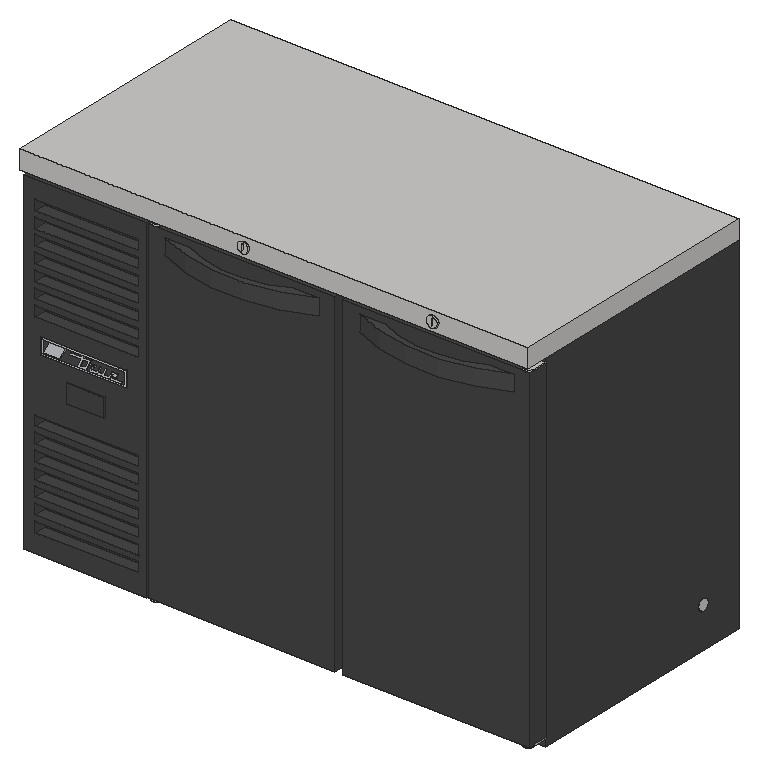
Revit family "QF_TRUE_TBR48-RISZ1-L-B-SS-1", category Specialty Equipment, Revit 2016 (continued)
Definition of nested family "CASTORS & LEGS"
  Definition of nested family "3 INCHES 01_CASTER"
    Lines and regions (in)
      symbolic lines, visible <- "3 Inches Caster"
        curve 3: line (-0.29881, -0.81407, 0) -> (-1.00175, -0.40823, 0)
        curve 4: line (0.89063, 1.2461, 0) -> (-0.29881, -0.81407, 0)
    Dimensions and locks (in)
      plane 4 "TOP" to level = 3 1/8"  (x2)
      aligned and locked: level to plane 1
  Definition of nested family "HATCO_4 INCHES_CASTER"
    Parameters (values of type "HATCO_4 INCHES_CASTER")
      URL Manufacturer = ""
      URL Cutsheet = ""
      URL = ""
      Type Mark [instance] = ""
      Specification by User [instance] = ""
      Specification by Manufacturer = ""
      Serial Number = ""
      Seismic Rating = ""
      SMACNA No = ""
      Revision Code [instance] = ""
      Omniclass Number and Title = ""
      NAFEM Spec ID Number = ""
      Model = ""
      Manufacturer = ""
      Item Number [instance] = ""
      Installed By [instance] = ""
      Identify Quantity as Lot [instance] = yes
      Furnished By [instance] = ""
      Foodservice Equipment Identifier [instance] = yes
      Description = ""
      CSI MasterFormat = ""
      CSI Master Format = ""
      Assembly Code = ""
      Show 4 Inches Caster [instance] = yes
    Reference planes (in)
      plane 1: z = 0
      plane 2 "RIGHT": x = 0
      plane 3 "FRONT": y = 0
      plane 4 "TOP": z = 4
    Forms (in)
      Revolve 1, solid, visible <- "Show 4 Inches Caster"
        sketch origin (-1.93794, 0.83816, -1.0041) x (1, 0, 0) y (0, 0, 1)
          loop
            line (0.74055, 2.5041) -> (3.15007, 2.5041) -> (3.15007, 2.5796) -> (3.10007, 2.6296) -> (3.04007, 2.6296) -> (3.04007, 2.74967) -> (2.62438, 2.74967) -> (2.62438, 2.93884) -> (2.48438, 3.01967) -> (2.45908, 3.17597) -> (2.51563, 3.17597) -> (2.51563, 3.41035) -> (2.48438, 3.41035) -> (2.48438, 4.0041) -> (1.375, 4.0041) -> (1.375, 3.41035) -> (1.34375, 3.41035) -> (1.34375, 3.17597) -> (1.4003, 3.17597) -> (1.37557, 3.02318) -> (1.235, 2.94202) -> (1.235, 2.74967) -> (0.85055, 2.74967) -> (0.85055, 2.6296) -> (0.79055, 2.6296) -> (0.74055, 2.5796) -> (0.74055, 2.5041)
          axis (0.74055, 2.5041) -> (3.15007, 2.5041)
        angle from 0 to 360
      Extrusion 2, solid, visible <- "Show 4 Inches Caster"
        sketch origin (-1.93794, 1.80294, -1.7541) x (0, 1, 0) y (0, 0, 1)
          loop
            line (-3.08794, 5.33423) -> (-3.08794, 5.00584) -> (-2.69466, 5.00584)
            arc (-2.69466, 5.00584) -> (-1.57175, 4.94895) -> (-0.46376, 4.75787) r 9.36411
            arc (-0.46376, 4.75787) -> (-0.05889, 4.58436) -> (0.28335, 4.30705) r 1.60049
            line (0.28335, 4.30705) -> (0.34449, 4.39437)
            arc (0.34449, 4.39437) -> (0.12713, 4.6163) -> (-0.1239, 4.79931) r 1.8753
            line (-0.1239, 4.79931) -> (-0.05749, 4.91421)
            arc (-0.05749, 4.91421) -> (-0.33807, 5.05694) -> (-0.64294, 5.13542) r 1.44292
            line (-0.64294, 5.13542) -> (-0.64294, 5.33423) -> (-3.08794, 5.33423)
        from 1.1267 to 2.74918
      Revolve 3, solid, visible <- "Show 4 Inches Caster"
        sketch origin (0, 2.15543, -2.25) x (0, 1, 0) y (0, 0, 1)
          loop
            line (-2.21793, 6.25) -> (-2.21793, 5.83014) -> (-1.05793, 5.83014) -> (-1.05793, 6.25) -> (-2.21793, 6.25)
          axis (-2.21793, 5.83014) -> (-2.21793, 6.25)
        angle from 0 to 360
      Extrusion 4, solid, visible <- "Show 4 Inches Caster"
        sketch origin (-1.93794, 1.80294, -1.7541) x (0, 1, 0) y (0, 0, 1)
          loop
            line (-3.08794, 5.33423) -> (-3.08794, 5.00584) -> (-2.8913, 5.00584)
            arc (-2.8913, 5.00584) -> (-2.09118, 4.14057) -> (-1.45681, 3.14736) r 6.63355
            arc (-1.45681, 3.14736) -> (-0.85703, 2.75969) -> (-0.4561, 3.35069) r 0.5107
            arc (-0.4561, 3.35069) -> (-0.27092, 3.92503) -> (0.24034, 4.24562) r 0.88136
            line (0.24034, 4.24562) -> (0.34449, 4.39437)
            arc (0.34449, 4.39437) -> (0.12713, 4.6163) -> (-0.1239, 4.79931) r 1.8753
            line (-0.1239, 4.79931) -> (-0.05749, 4.91421)
            arc (-0.05749, 4.91421) -> (-0.33807, 5.05694) -> (-0.64294, 5.13542) r 1.44292
            line (-0.64294, 5.13542) -> (-0.64294, 5.33423) -> (-3.08794, 5.33423)
        from 2.74918 to 2.90825
      Extrusion 5, solid, visible <- "Show 4 Inches Caster"
        sketch origin (1.93794, 1.80294, -1.7541) x (0, 1, 0) y (0, 0, -1)
          loop
            line (-3.08794, -5.33423) -> (-0.64294, -5.33423) -> (-0.64294, -5.13542)
            arc (-0.64294, -5.13542) -> (-0.33807, -5.05694) -> (-0.05749, -4.91421) r 1.44292
            line (-0.05749, -4.91421) -> (-0.1239, -4.79931)
            arc (-0.1239, -4.79931) -> (0.12713, -4.6163) -> (0.34449, -4.39437) r 1.8753
            line (0.34449, -4.39437) -> (0.24034, -4.24562)
            arc (0.24034, -4.24562) -> (-0.27092, -3.92503) -> (-0.4561, -3.35069) r 0.88136
            arc (-0.4561, -3.35069) -> (-0.85703, -2.75969) -> (-1.45681, -3.14736) r 0.5107
            arc (-1.45681, -3.14736) -> (-2.09118, -4.14057) -> (-2.8913, -5.00584) r 6.63355
            line (-2.8913, -5.00584) -> (-3.08794, -5.00584) -> (-3.08794, -5.33423)
        from 2.74918 to 2.90825
    Cuts and joins
      joined: Extrusion 2, Extrusion 4, Extrusion 5
    Lines and regions (in)
      symbolic lines, visible <- "Show 4 Inches Caster"
        curve 1: line (0.28481, 2.83041, 0) -> (1.24556, 2.27572, 0)
        curve 2: line (-1.26206, 0.15114, 0) -> (-0.69281, 1.13711, 0)
        curve 3: line (-0.30132, -0.40355, 0) -> (-1.26206, 0.15114, 0)
        curve 4: line (1.24556, 2.27572, 0) -> (0.69868, 1.3285, 0)
        curve 5: line (-0.2461, 1.91084, 0) -> (0.28481, 2.83041, 0)
        curve 6: line (0.19868, 0.46248, 0) -> (-0.30132, -0.40355, 0)
    Dimensions and locks (in)
      plane 4 "TOP" to level = 4"  (x2)
      aligned and locked: level to plane 1
  Definition of nested family "5 INCHES 01_CASTER"
    Parameters (values of type "5 INCHES 01_CASTER")
      Weight = ""
      URL Manufacturer = ""
      URL Cutsheet = ""
      URL = ""
      Type Mark [instance] = ""
      Specification by User [instance] = ""
      Specification by Manufacturer = ""
      Show 5" Casters [instance] = yes
      Serial Number = ""
      Seismic Rating = ""
      SMACNA No = ""
      Revision Code [instance] = ""
      Omniclass Number and Title = ""
      NAFEM Spec ID Number = ""
      Model = ""
      MasterSpec. = ""
      Manufacturer = ""
      Key Locks [instance] = yes
      Item Number [instance] = ""
      Installed By [instance] = ""
      Identify Quantity as Lot [instance] = yes
      Furnished By [instance] = ""
      Foodservice Equipment Identifier [instance] = yes
      Description = ""
      CSI MasterFormat = ""
      CSI Master Format = ""
      Assembly Code = ""
    Reference planes (in)
      plane 1: z = 0
      plane 2 "RIGHT": x = 0
      plane 3 "FRONT": y = 0
      plane 4 "TOP": z = 5
    Forms (in)
      Revolve 1, solid, visible <- "Show 5" Casters"
        sketch origin (-1.93794, 0.99859, -1.0041) x (1, 0, 0) y (0, 0, 1)
          loop
            line (0.74055, 3.0041) -> (0.74055, 2.9286) -> (0.79055, 2.8786) -> (0.85055, 2.8786) -> (0.85055, 2.75852) -> (1.235, 2.75852) -> (1.235, 2.56618) -> (1.37557, 2.48502) -> (1.49133, 1.76972) -> (1.34375, 1.76972) -> (1.34375, 1.53535) -> (1.375, 1.53535) -> (1.375, 1.0041) -> (2.48438, 1.0041) -> (2.48438, 1.53535) -> (2.51563, 1.53535) -> (2.51563, 1.76972) -> (2.36805, 1.76972) -> (2.48438, 2.48853) -> (2.62438, 2.56936) -> (2.62438, 2.75852) -> (3.04007, 2.75852) -> (3.04007, 2.8786) -> (3.10007, 2.8786) -> (3.15007, 2.9286) -> (3.15007, 3.0041) -> (0.74055, 3.0041)
          axis (0.74055, 3.0041) -> (3.15007, 3.0041)
        angle from 0 to 360
      Extrusion 2, solid, visible <- "Show 5" Casters"
        sketch origin (-1.93794, 1.96337, -0.7541) x (0, 1, 0) y (0, 0, 1)
          loop
            line (-3.37739, 5.33423) -> (-3.37739, 4.92712) -> (-2.49294, 4.92712)
            arc (-2.49294, 4.92712) -> (-1.47209, 4.91752) -> (-0.46376, 4.75787) r 6.92153
            arc (-0.46376, 4.75787) -> (0.14199, 4.53396) -> (0.67481, 4.16904) r 2.62713
            line (0.67481, 4.16904) -> (0.7876, 4.33012)
            arc (0.7876, 4.33012) -> (0.48098, 4.5674) -> (0.13288, 4.73811) r 1.91675
            line (0.13288, 4.73811) -> (0.21197, 4.87494)
            arc (0.21197, 4.87494) -> (-0.1576, 5.02102) -> (-0.54934, 5.08775) r 1.91675
            line (-0.54934, 5.08775) -> (-0.54934, 5.33423) -> (-3.37739, 5.33423)
        from 1.17357 to 2.70231
      Revolve 3, solid, visible <- "Show 5" Casters"
        sketch origin (0, 2.15543, -1.25) x (0, 1, 0) y (0, 0, 1)
          loop
            line (-2.21793, 6.25) -> (-2.21793, 5.83014) -> (-1.05793, 5.83014) -> (-1.05793, 6.25) -> (-2.21793, 6.25)
          axis (-2.21793, 5.83014) -> (-2.21793, 6.25)
        angle from 0 to 360
      Extrusion 4, solid, visible <- "Show 5" Casters"
        sketch origin (-1.98481, 1.96337, -0.7541) x (0, 1, 0) y (0, 0, 1)
          loop
            line (-3.37739, 5.33423) -> (-3.37739, 4.92712) -> (-3.13361, 4.92712)
            arc (-3.13361, 4.92712) -> (-2.12623, 3.92533) -> (-1.55834, 2.62307) r 3.79122
            arc (-1.55834, 2.62307) -> (-0.81477, 2.14247) -> (-0.31772, 2.87515) r 0.63314
            arc (-0.31772, 2.87515) -> (-0.02244, 3.67728) -> (0.68637, 4.15498) r 1.39003
            line (0.68637, 4.15498) -> (0.7876, 4.33012)
            arc (0.7876, 4.33012) -> (0.48098, 4.5674) -> (0.13288, 4.73811) r 1.91675
            line (0.13288, 4.73811) -> (0.21197, 4.87494)
            arc (0.21197, 4.87494) -> (-0.1576, 5.02102) -> (-0.54934, 5.08775) r 1.91675
            line (-0.54934, 5.08775) -> (-0.54934, 5.33423) -> (-3.37739, 5.33423)
        from 2.74918 to 2.90825
      Extrusion 5, solid, visible <- "Show 5" Casters"
        sketch origin (1.98481, 1.96337, -0.7541) x (0, 1, 0) y (0, 0, -1)
          loop
            line (-3.37739, -5.33423) -> (-0.54934, -5.33423) -> (-0.54934, -5.08775)
            arc (-0.54934, -5.08775) -> (-0.1576, -5.02102) -> (0.21197, -4.87494) r 1.91675
            line (0.21197, -4.87494) -> (0.13288, -4.73811)
            arc (0.13288, -4.73811) -> (0.48098, -4.5674) -> (0.7876, -4.33012) r 1.91675
            line (0.7876, -4.33012) -> (0.68637, -4.15498)
            arc (0.68637, -4.15498) -> (-0.02244, -3.67728) -> (-0.31772, -2.87515) r 1.39003
            arc (-0.31772, -2.87515) -> (-0.81477, -2.14247) -> (-1.55834, -2.62307) r 0.63314
            arc (-1.55834, -2.62307) -> (-2.12623, -3.92533) -> (-3.13361, -4.92712) r 3.79122
            line (-3.13361, -4.92712) -> (-3.37739, -4.92712) -> (-3.37739, -5.33423)
        from 2.74918 to 2.90825
    Cuts and joins
      joined: Extrusion 2, Extrusion 4, Extrusion 5
    Lines and regions (in)
      symbolic lines, visible <- "Show 5" Casters"
        curve 1: line (0.54262, 2.21348, 0) -> (1.50337, 1.65879, 0)
        curve 2: line (-1.45738, -1.25062, 0) -> (-0.70738, 0.04842, 0)
        curve 3: line (-0.49663, -1.80531, 0) -> (-1.45738, -1.25062, 0)
        curve 4: line (1.50337, 1.65879, 0) -> (0.75337, 0.35975, 0)
        curve 5: line (-0.20738, 0.91444, 0) -> (0.54262, 2.21348, 0)
        curve 6: line (0.25337, -0.50627, 0) -> (-0.49663, -1.80531, 0)
    Dimensions and locks (in)
      plane 4 "TOP" to level = 5"  (x2)
      aligned and locked: level to plane 1
  Definition of nested family "7-8 INCHES_CASTER"
    Parameters (values of type "7-8 INCHES_CASTER")
      Weight = ""
      URL Manufacturer = ""
      URL Cutsheet = ""
      URL = ""
      Type Mark [instance] = ""
      Specification by User [instance] = ""
      Specification by Manufacturer = ""
      Serial Number = ""
      Seismic Rating = ""
      SMACNA No = ""
      Revision Code [instance] = ""
      Omniclass Number and Title = ""
      NAFEM Spec ID Number = ""
      Model = ""
      MasterSpec. = ""
      Manufacturer = ""
      Item Number [instance] = ""
      Installed By [instance] = ""
      Identify Quantity as Lot [instance] = yes
      Furnished By [instance] = ""
      Foodservice Equipment Identifier [instance] = yes
      Description = ""
      CSI MasterFormat = ""
      CSI Master Format = ""
      Assembly Code = ""
      2.5 Inches Caster [instance] = yes
    Reference planes (in)
      plane 1: z = 0
      plane 2 "RIGHT": x = 0
      plane 3 "FRONT": y = 0
      plane 4 "TOP": z = 2.125
      plane 5: z = 0.875
    Forms (in)
      Revolve 1, solid, visible <- "2.5 Inches Caster"
        sketch origin (-1.93794, 0.16358, -1.0041) x (1, 0, 0) y (0, 0, 1)
          loop
            line (2.21963, 1.0041) -> (2.21963, 1.07441) -> (2.16308, 1.07441) -> (2.17665, 1.15827) -> (2.27369, 1.21429) -> (2.27369, 1.29531) -> (1.60219, 1.29531) -> (1.60219, 1.21429) -> (1.69923, 1.15827) -> (1.7128, 1.07441) -> (1.65625, 1.07441) -> (1.65625, 1.0041) -> (2.21963, 1.0041)
          axis (2.27369, 1.29531) -> (1.60219, 1.29531)
        angle from 0 to 360
      Extrusion 2, solid, visible <- "2.5 Inches Caster"
        sketch origin (-1.93794, 1.43296, -4.66527) x (0, 1, 0) y (0, 0, 1)
          loop
            line (-1.16673, 5.3791) -> (-1.71584, 5.3791) -> (-1.71584, 5.33314) -> (-1.62354, 5.33314)
            arc (-1.62354, 5.33314) -> (-1.55924, 5.29737) -> (-1.50495, 5.24769) r 0.31579
            line (-1.50495, 5.24769) -> (-0.93687, 5.24769)
            arc (-0.93687, 5.24769) -> (-0.98865, 5.28224) -> (-1.04346, 5.31172) r 0.65588
            line (-1.04346, 5.31172) -> (-1.01965, 5.35291)
            arc (-1.01965, 5.35291) -> (-1.09203, 5.3725) -> (-1.16673, 5.3791) r 0.4262
        from 1.60219 to 2.27369
      Revolve 3, solid, visible <- "2.5 Inches Caster"
        sketch origin (0, 1.73858, -5) x (0, 1, 0) y (0, 0, 1)
          loop
            line (-1.73858, 5.71382) -> (-1.35578, 5.71382) -> (-1.35578, 5.875) -> (-1.73858, 5.875) -> (-1.73858, 5.71382)
          axis (-1.73858, 5.71382) -> (-1.73858, 5.875)
        angle from 0 to 360
      Extrusion 4, solid, visible <- "2.5 Inches Caster"
        sketch origin (0.33575, 1.43296, -4.66527) x (0, 1, 0) y (0, 0, 1)
          loop
            line (-1.71584, 5.3791) -> (-1.71584, 5.33314) -> (-1.62354, 5.33314)
            arc (-1.62354, 5.33314) -> (-1.48788, 5.22611) -> (-1.42886, 5.06369) r 0.31579
            arc (-1.42886, 5.06369) -> (-1.418, 4.99525) -> (-1.39559, 4.92968) r 0.40356
            arc (-1.39559, 4.92968) -> (-1.27344, 4.85253) -> (-1.15595, 4.93662) r 0.12941
            arc (-1.15595, 4.93662) -> (-1.1504, 4.95356) -> (-1.14628, 4.97091) r 0.21578
            arc (-1.14628, 4.97091) -> (-1.06824, 5.11243) -> (-0.92225, 5.18175) r 0.26341
            line (-0.92225, 5.18175) -> (-0.8974, 5.21614)
            arc (-0.8974, 5.21614) -> (-0.96724, 5.26881) -> (-1.04346, 5.31172) r 0.65588
            line (-1.04346, 5.31172) -> (-1.01965, 5.35291)
            arc (-1.01965, 5.35291) -> (-1.09203, 5.3725) -> (-1.16673, 5.3791) r 0.4262
            line (-1.16673, 5.3791) -> (-1.71584, 5.3791)
        from 0 to 0.0625
      Extrusion 5, solid, visible <- "2.5 Inches Caster"
        sketch origin (-0.33575, 1.43296, -4.66527) x (0, -1, 0) y (0, 0, 1)
          loop
            line (1.71584, 5.3791) -> (1.16673, 5.3791)
            arc (1.16673, 5.3791) -> (1.09203, 5.3725) -> (1.01965, 5.35291) r 0.4262
            line (1.01965, 5.35291) -> (1.04346, 5.31172)
            arc (1.04346, 5.31172) -> (0.96724, 5.26881) -> (0.8974, 5.21614) r 0.65588
            line (0.8974, 5.21614) -> (0.92225, 5.18175)
            arc (0.92225, 5.18175) -> (1.06824, 5.11243) -> (1.14628, 4.97091) r 0.26341
            arc (1.14628, 4.97091) -> (1.1504, 4.95356) -> (1.15595, 4.93662) r 0.21578
            arc (1.15595, 4.93662) -> (1.27344, 4.85253) -> (1.39559, 4.92968) r 0.12941
            arc (1.39559, 4.92968) -> (1.418, 4.99525) -> (1.42886, 5.06369) r 0.40356
            arc (1.42886, 5.06369) -> (1.48788, 5.22611) -> (1.62354, 5.33314) r 0.31579
            line (1.62354, 5.33314) -> (1.71584, 5.33314) -> (1.71584, 5.3791)
        from 0 to 0.0625
    Lines and regions (in)
      symbolic lines, visible <- "2.5 Inches Caster"
        curve 1: line (0.14193, 0.81567, 0) -> (0.64448, 0.52552, 0)
        curve 2: line (-0.51849, -0.32822, 0) -> (0.14193, 0.81567, 0)
        curve 3: line (-0.01594, -0.61837, 0) -> (-0.51849, -0.32822, 0)
        curve 4: line (0.64448, 0.52552, 0) -> (-0.01594, -0.61837, 0)
    Dimensions and locks (in)
      plane 4 "TOP" to level = 2 1/8"  (x2)
      plane 5 to plane 1 = 7/8"
      aligned and locked: level to plane 1
  Definition of nested family "6 INCHES 02_CASTER"
    Parameters (values of type "6 INCHES 02_CASTER")
      Weight = ""
      URL Manufacturer = ""
      URL Cutsheet = ""
      URL = ""
      Type Mark [instance] = ""
      Specification by User [instance] = ""
      Specification by Manufacturer = ""
      Show Casters [instance] = yes
      Serial Number = ""
      Seismic Rating = ""
      SMACNA No = ""
      Revision Code [instance] = ""
      Omniclass Number and Title = ""
      NAFEM Spec ID Number = ""
      Model = ""
      MasterSpec. = ""
      Manufacturer = ""
      Item Number [instance] = ""
      Installed By [instance] = ""
      Identify Quantity as Lot [instance] = yes
      Furnished By [instance] = ""
      Foodservice Equipment Identifier [instance] = yes
      Description = ""
      CSI MasterFormat = ""
      CSI Master Format = ""
    Reference planes (in)
      plane 1 "BACK": y = 0
      plane 2: z = 0
      plane 3 "LEFT": x = 0
      plane 4 "RIGHT": x = 0
      plane 5 "FRONT": y = 0
      plane 6 "TOP": z = 6.0625
    Forms (in)
      Revolve 1, solid, visible <- "Show Casters"
        sketch origin (-2.21793, 0, -0.25) x (-1, 0, 0) y (0, 0, 1)
          loop
            line (-2.21793, 6) -> (-2.21793, 5.55584) -> (-0.93693, 5.55584) -> (-0.93693, 6) -> (-2.21793, 6)
          axis (-2.21793, 5.55584) -> (-2.21793, 6)
        angle from 0 to 360
      Extrusion 2, solid, visible <- "Show Casters"
        sketch origin (0.25594, 2.08988, -0.1875) x (0, 1, 0) y (0, 0, 1)
          loop
            line (-3.37793, 5.49334) -> (-3.37793, 5.24334) -> (-1.67236, 2.30765)
            arc (-1.67236, 2.30765) -> (-0.65502, 1.97635) -> (-0.25363, 2.96812) r 0.78437
            line (-0.25363, 2.96812) -> (-0.80182, 5.49334) -> (-3.37793, 5.49334)
        from 0.78968 to 0.90247
      Extrusion 3, solid, visible <- "Show Casters"
        sketch origin (0, 0, 5.75) x (0, 1, 0) y (-1, 0, 0)
          loop
            circle (0, 0) r 0.75
        from 0 to 0.3125
      Extrusion 4, solid, visible <- "Show Casters"
        sketch origin (-0.25594, 2.08988, -0.1875) x (0, 1, 0) y (0, 0, -1)
          loop
            line (-3.37793, -5.24334) -> (-3.37793, -5.49334) -> (-0.80182, -5.49334) -> (-0.25363, -2.96812)
            arc (-0.25363, -2.96812) -> (-0.65502, -1.97635) -> (-1.67236, -2.30765) r 0.78437
            line (-1.67236, -2.30765) -> (-3.37793, -5.24334)
        from 0.78968 to 0.90247
      Extrusion 5, solid, visible <- "Show Casters"
        sketch origin (0, -0.12806, 0.75) x (0, 1, 0) y (0, 0, 1)
          loop
            line (-1.16, 4.55584) -> (-1.16, 4.30584) -> (1.41611, 4.30584) -> (1.41611, 4.55584) -> (-1.16, 4.55584)
        from -1.04562 to 1.04562
      Revolve 6, solid, visible <- "Show Casters"
        sketch origin (-1.9375, 1.11772, -0.12802) x (1, 0, 0) y (0, 0, 1)
          loop
            line (0.5843, 2.5666) -> (0.5843, 2.4286) -> (0.6343, 2.3786) -> (0.6943, 2.3786) -> (0.6943, 2.2429) -> (1.1725, 2.2429) -> (1.1725, 1.84743) -> (1.30191, 1.77271) -> (1.42647, 1.00302) -> (1.28125, 1.00302) -> (1.28125, 0.75302) -> (1.3125, 0.75302) -> (1.3125, 0.50302)
            arc (1.3125, 0.50302) -> (1.42233, 0.23785) -> (1.6875, 0.12802) r 0.375
            line (1.6875, 0.12802) -> (2.1875, 0.12802)
            arc (2.1875, 0.12802) -> (2.45267, 0.23785) -> (2.5625, 0.50302) r 0.375
            line (2.5625, 0.50302) -> (2.5625, 0.75302) -> (2.59375, 0.75302) -> (2.59375, 1.00302) -> (2.44853, 1.00302) -> (2.57366, 1.77622) -> (2.7025, 1.85061) -> (2.7025, 2.2429) -> (3.1807, 2.2429) -> (3.1807, 2.3786) -> (3.2407, 2.3786) -> (3.2907, 2.4286) -> (3.2907, 2.5666) -> (0.5843, 2.5666)
          axis (0.5843, 2.5666) -> (3.2907, 2.5666)
        angle from 0 to 360
    Cuts and joins
      joined: Extrusion 2, Extrusion 4, Extrusion 5
    Lines and regions (in)
      symbolic lines, visible <- "Show Casters"
        curve 1: line (0.45873, 2.04243, 0) -> (1.54127, 1.41743, 0)
        curve 2: line (-1.54127, -1.42167, 0) -> (-0.79127, -0.12263, 0)
        curve 3: line (-0.45873, -2.04667, 0) -> (-1.54127, -1.42167, 0)
        curve 4: line (1.54127, 1.41743, 0) -> (0.79127, 0.11839, 0)
        curve 5: line (-0.29127, 0.74339, 0) -> (0.45873, 2.04243, 0)
        curve 6: line (0.29127, -0.74763, 0) -> (-0.45873, -2.04667, 0)
    Dimensions and locks (in)
      plane 6 "TOP" to level = 6 1/16"
      locked: plane 6 "TOP" to level at 6.0625
      aligned and locked: level to plane 2
